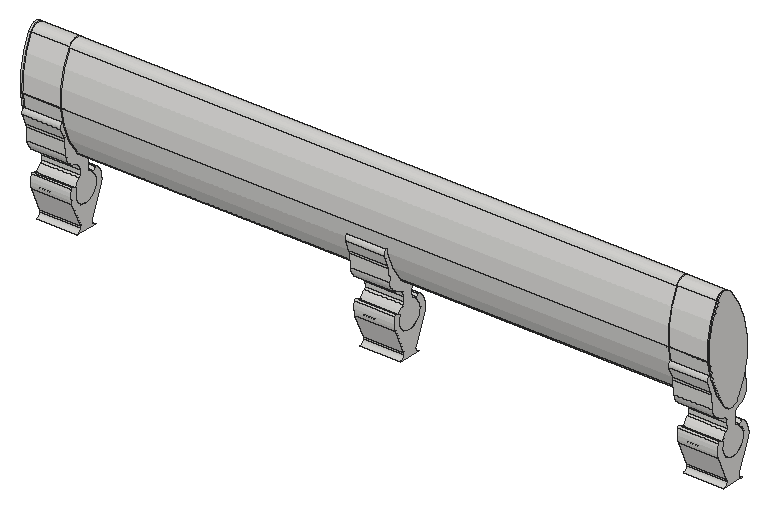
Revit family "Sunshade-Kawneer-Versoleil", category Specialty Equipment, host Face, Revit 2015 (continued)
Definition of nested family "Blade-Kawneer-Joint-Oval"
  Dimensions and locks (in)
    aligned and locked: plane 5 "Right" to Sweep 1 sketch curve
    aligned and locked: curve 1 to curve 4
    aligned and locked: curve 2 to curve 4
    aligned and locked: curve 3 to curve 4
